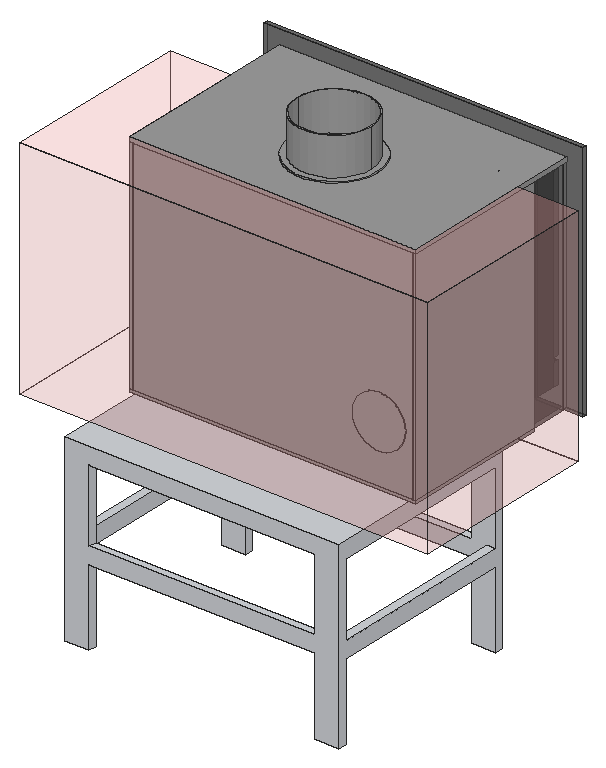
Revit family "FOGO MONTANHA-CLASSIC-E701-STEEL DOOR-R19-V00", category Mechanical Equipment, host Wall, Revit 2019
Family settings
  Host = Wall
  Round Connector Dimension = Use Diameter
  Part Type = Normal
  OmniClass Number = 23.19.17.00
  Always vertical = Yes
  Cut with Voids When Loaded = No
  Shared = No
  Room Calculation Point = No
Parameters (values of type "Grey Steel Door-4 sided Glass Frame 50mm")
  r_SmallDuct_Top = Diameter / 2  # 50 mm
  r_CentralDuct_Top = F / 2  # 90 mm
  r_Duct_back = 65 mm
  Frame Type = FOGO MONTANHA-CLASSIC-3L FRAME : E701-50mm-Glass
  Door_Glass_Offset = 70 mm
  V = 211
  Support Table [instance] = yes
  Pu = 6.5
  Power = 9.3 kW
  Pn = 9.3
  P = 9.3
  Glass = Fogo Montanha-Glass
  Electrical Power = 32 W
  Electric tension = 230 V
  Efficiency at nominal power = "0.07"
  Diameter = 100 mm
  Dark Glass = Fogo Montanha-Dark Glass
  URL = "https://welcome.fogo-montanha.com/pesquisar/PA2019G004"
  Door_Position = 5 mm  # constant formula
  Door = Fogo Montanha-Grey Steel
  Offset_Door-Frame = 26.7 mm
  GlassDoor = no
  Model = "Classic-E701"  # constant formula
  Manufacturer URL = "www.fogo-montanha.com"
  Manufacturer = "Fogo Montanha"  # constant formula
  Height from Level [instance] = 450 mm
  Version = "v00"  # constant formula
  Uniformat II Description = "Heat Generating Systems"  # constant formula
  Uniformat II Code = "D3020"  # constant formula
  Uniclass 2015 Name = "Space heaters"  # constant formula
  Uniclass 2015 Code = "TE_70_10_20_80"  # constant formula
  Uniclass 2.0 Description = "Space Heating And Cooling Products"  # constant formula
  Uniclass 2.0 Code = "PR-70-60-36-74"  # constant formula
  Uniclass 1.4 Description = "Fireplaces"  # constant formula
  Uniclass 1.4 Code = "L828"  # constant formula
  UNSPSC Description = "Space Heaters"  # constant formula
  UNSPSC Code = "40101819"  # constant formula
  Reference = "PA2019G004"
  Publication date = "08/2022"  # constant formula
  Number of Poles = 1
  NBS Reference Description = "Room Heaters"  # constant formula
  NBS Reference Code = "60-36-74"  # constant formula
  Masterformat 2014 Description = "Fireplaces and Stoves"  # constant formula
  Masterformat 2014 Code = "10 30 00"  # constant formula
  K = B + 13 mm  # 559 mm
  J = A + 17 mm  # 707 mm
  IfcExportType = "IfcSpaceHeaterType"  # constant formula
  IfcExportAs = "IfcSpaceHeater"  # constant formula
  G = 275 mm
  F = 180 mm
  Offset_Duct_Back = 90 mm
  Clearance Zone Visible [instance] = yes
  Clearance Zone = 150 mm
  Cl = 2.8
  CO2 = 9.3
  CO 13% O2 = 0.07
  Aux_Duct_Top = 120 mm
  Det_Door = if(GlassDoor, -1 mm, 15 mm)  # 15 mm
  Description = "Inseríveis a lenha com ventilação tangencial incluída de série, disponíveis em preto, cinza ou porta em vidro. Incluem porta com sistema de fecho automático, ar externo canalizável através de um kit opcional, dupla combustão e câmara estanque. Possibilidade de regulação da ventilação através de um controlador GLA que, com a inclusão de um Damper, permitirá também o controlo do ar de combustão. Kit wi-fi opcional para gestão do controlador GLA à distância através de smartphone."  # constant formula
  D = 465 mm
  Body = Fogo Montanha-Steel
  Base_Offset [instance] = if(and(Height from Level < 300 mm, Support Table), 300 mm, if(and(Height from Level > 545 mm, Support Table), 545 mm, Height from Level))  # 450 mm
  E = B  # 546 mm
  C = A  # 690 mm
  BIM Modeler URL = "www.stratbim.com"
  BIM Modeler = "StratBIM"
  B = 546 mm
  Assembly Code = "D3020"
  A = 690 mm
Types (12, lengths in mm): name | Frame Type | URL | Door | Reference
  Grey Steel Door-4 sided Glass Frame 50mm | FOGO MONTANHA-CLASSIC-3L FRAME : E701-50mm-Glass | "https://welcome.fogo-montanha.com/pesquisar/PA2019G004" | Fogo Montanha-Grey Steel | "PA2019G004"
  Black Steel Door-4 sided Glass Frame 50mm | FOGO MONTANHA-CLASSIC-4L FRAME : E701-50mm-Glass | "https://welcome.fogo-montanha.com/pesquisar/PA2019P003" | Fogo Montanha-Black Steel | "PA2019P003"
  Black Steel Door-3 sided Glass Frame 50mm | FOGO MONTANHA-CLASSIC-3L FRAME : E701-50mm-Glass | "https://welcome.fogo-montanha.com/pesquisar/PA2019P003" | Fogo Montanha-Black Steel | "PA2019P003"
  Grey Steel Door-3 sided Glass Frame 50mm | FOGO MONTANHA-CLASSIC-3L FRAME : E701-50mm-Glass | "https://welcome.fogo-montanha.com/pesquisar/PA2019G004" | Fogo Montanha-Grey Steel | "PA2019G004"
  Black Steel Door-3 sided Black Steel Frame 45mm | FOGO MONTANHA-CLASSIC-3L FRAME : E701-45mm-Black Steel | "https://welcome.fogo-montanha.com/pesquisar/PA2019P003" | Fogo Montanha-Black Steel | "PA2019P003"
  Black Steel Door-3 sided Black Steel Frame 20mm | FOGO MONTANHA-CLASSIC-3L FRAME : E701-20mm-Black Steel | "https://welcome.fogo-montanha.com/pesquisar/PA2019P003" | Fogo Montanha-Black Steel | "PA2019P003"
  Grey Steel Door-3 sided Grey Steel Frame 45mm | FOGO MONTANHA-CLASSIC-3L FRAME : E701-45mm-Grey Steel | "https://welcome.fogo-montanha.com/pesquisar/PA2019G004" | Fogo Montanha-Grey Steel | "PA2019G004"
  Grey Steel Door-3 sided Grey Steel Frame 20mm | FOGO MONTANHA-CLASSIC-3L FRAME : E701-20mm-Grey Steel | "https://welcome.fogo-montanha.com/pesquisar/PA2019G004" | Fogo Montanha-Grey Steel | "PA2019G004"
  Black Steel Door-4 sided Black Steel Frame 45mm | FOGO MONTANHA-CLASSIC-4L FRAME : E701-45mm-Black Steel | "https://welcome.fogo-montanha.com/pesquisar/PA2019P003" | Fogo Montanha-Black Steel | "PA2019P003"
  Black Steel Door-4 sided Black Steel Frame 20mm | FOGO MONTANHA-CLASSIC-4L FRAME : E701-20mm-Black Steel | "https://welcome.fogo-montanha.com/pesquisar/PA2019P003" | Fogo Montanha-Black Steel | "PA2019P003"
  Grey Steel Door-4 sided Grey Steel Frame 45mm | FOGO MONTANHA-CLASSIC-4L FRAME : E701-45mm-Grey Steel | "https://welcome.fogo-montanha.com/pesquisar/PA2019G004" | Fogo Montanha-Grey Steel | "PA2019G004"
  Grey Steel Door-4 sided Grey Steel Frame 20mm | FOGO MONTANHA-CLASSIC-4L FRAME : E701-20mm-Grey Steel | "https://welcome.fogo-montanha.com/pesquisar/PA2019G004" | Fogo Montanha-Grey Steel | "PA2019G004"
Reference planes
  plane 1 "Wall": y = 0
  plane 2 "Center (Left/Right)": x = 0
  plane 3 "Front": y = 75
  plane 4 "2": x = 345
  plane 5 "3": x = -345
  plane 6 "4": x = -345
  plane 7 "5": x = 345
  plane 8 "6": x = -353.5
  plane 9 "7": x = 353.5
  plane 10 "K'": z = 1009
  plane 11 "K": z = 450
  plane 12: y = -200
  plane 13: y = -390
  plane 14 "8": x = -50
  plane 15 "9": x = 50
  plane 16 "10": x = 263.5
  plane 17: z = 729.5
  plane 18 "B'": z = 1002.5
  plane 19 "B": z = 456.5
  plane 20 "E'": z = 1002.5
  plane 21 "E": z = 456.5
  plane 22 "L": z = 601
  plane 23: y = -46
  plane 24 "M": x = -233.5
  plane 25 "M'": x = 233.5
  plane 26: z = 997
  plane 27: z = 466.5
  plane 28 "S": x = -348.5
  plane 29 "T": x = 348.5
  plane 30 "U": x = 321.8
  plane 31 "V": x = -321.8
  plane 32: z = 970.3
  plane 33: z = 493.2
  plane 34: z = 628.2
  plane 35: z = 900.3
  plane 36 "W": x = 251.8
  plane 37 "X": x = -251.8
  plane 38: y = -340
  plane 39 "Y": x = 100
  plane 40 "AA": x = -100
  plane 41: y = 87
  plane 42: z = 558.2
  plane 43: z = 548.2
  plane 44 "BB": z = 1109
  plane 45 "Origin": z = 0
  plane 46: y = -25
Forms (mm)
  Extrusion 1, solid, material "Fogo Montanha-Steel" <- "Body", detail levels coarse
    sketch origin (0, 75, 0) x (1, 0, 0) y (0, 0, 1)
      loop
        line (353.5, 450) -> (353.5, 1002.5) -> (-353.5, 1002.5) -> (-353.5, 450) -> (353.5, 450)
    from 0 to 465
  Extrusion 2, solid, material "Fogo Montanha-Steel" <- "Body", detail levels medium+fine
    sketch origin (-353.5, 0, 0) x (0, 1, 0) y (0, 0, 1)
      loop
        line (-25, 456.5) -> (-25, 1002.5) -> (-200, 1002.5) -> (-390, 1002.5) -> (-390, 456.5) -> (-25, 456.5)
    from 0 to 8.5
  Extrusion 3, solid, material "Fogo Montanha-Steel" <- "Body", detail levels medium+fine
    sketch origin (353.5, 30, 0) x (0, 1, 0) y (0, 0, -1)
      loop
        line (-55, -456.5) -> (-420, -456.5) -> (-420, -1002.5) -> (-230, -1002.5) -> (-55, -1002.5) -> (-55, -456.5)
    from 0 to 8.5
  Extrusion 4, solid, material "Fogo Montanha-Steel" <- "Body", detail levels medium+fine
    sketch origin (1420, -390, 1200) x (1, 0, 0) y (0, 0, 1)
      loop
        line (-1075, -743.5) -> (-1075, -197.5) -> (-1765, -197.5) -> (-1765, -743.5) -> (-1075, -743.5)
    from 0 to -10
  Extrusion 5, solid, material "Fogo Montanha-Steel" <- "Body", detail levels medium+fine
    sketch origin (2348.699, 225, 1002.5) x (1, 0, 0) y (0, 1, 0)
      loop
        line (-2702.199, -150) -> (-2702.199, -615) -> (-1995.199, -615) -> (-1995.199, -150) -> (-2702.199, -150)
      loop
        circle (-2348.699, -425) r 90
    from 10 to 0
  Extrusion 6, solid, material "Fogo Montanha-Steel" <- "Body", detail levels medium+fine
    sketch origin (2348.699, 225, 456.5) x (1, 0, 0) y (0, 1, 0)
      loop
        line (-2702.199, -250) -> (-2702.199, -615) -> (-1995.199, -615) -> (-1995.199, -250) -> (-2702.199, -250)
    from -6.5 to 0
  Extrusion 7, solid, material "Fogo Montanha-Steel" <- "Body", detail levels medium+fine
    sketch origin (1420, -390, 1200) x (1, 0, 0) y (0, 0, 1)
      loop
        circle (-1156.5, -599) r 65
    from 0 to 1
  Sweep 8, solid, material "Fogo Montanha-Steel" <- "Body"
    path in 3D
      loop
        arc (-90, -200, 1009) -> (0, -290, 1009) -> (90, -200, 1009) r 90
        arc (90, -200, 1009) -> (0, -110, 1009) -> (-90, -200, 1009) r 90
    profile origin (0, -110, 1009) x (0, -1, 0) y (0, 0, 1)
      loop
        line (0, 3.5) -> (0, 100) -> (-2, 100) -> (-2, 6.467) -> (-17, 6.467) -> (-17, 3.5) -> (0, 3.5)
  Extrusion 9, solid, material "Fogo Montanha-Glass" <- "Glass", detail levels medium+fine
    sketch origin (0, 75, 0) x (1, 0, 0) y (0, 0, 1)
      loop
        line (251.8, 628.2) -> (251.8, 900.3) -> (-251.8, 900.3) -> (-251.8, 628.2) -> (251.8, 628.2)
    from 0 to -12
  Extrusion 10, solid, material "Fogo Montanha-Grey Steel" <- "Door", detail levels medium+fine
    sketch origin (0, 75, 0) x (1, 0, 0) y (0, 0, 1)
      loop
        line (321.8, 493.2) -> (321.8, 970.3) -> (-321.8, 970.3) -> (-321.8, 493.2) -> (321.8, 493.2)
      loop
        line (-251.8, 628.2) -> (251.8, 628.2) -> (251.8, 900.3) -> (-251.8, 900.3) -> (-251.8, 628.2)
    from 0 to -12
  Extrusion 11, solid, material "Fogo Montanha-Vermiculite", detail levels medium+fine
    sketch origin (-321.8, 0, 0) x (0, 1, 0) y (0, 0, 1)
      loop
        line (0, 493.2) -> (0, 900.3) -> (-200, 900.3) -> (-340, 729.5) -> (-340, 493.2) -> (0, 493.2)
    from 0 to 8.5
  Extrusion 12, solid, material "Fogo Montanha-Black Steel", detail levels medium+fine
    sketch origin (1420, -25, 1200) x (1, 0, 0) y (0, 0, 1)
      loop
        line (-1098.2, -229.7) -> (-1741.8, -229.7) -> (-1741.8, -706.8) -> (-1098.2, -706.8) -> (-1098.2, -229.7)
      loop
        line (-1071.5, -197.5) -> (-1768.5, -197.5) -> (-1768.5, -743.5) -> (-1071.5, -743.5) -> (-1071.5, -197.5)
    from 0 to 5
  Extrusion 13, solid, material "Fogo Montanha-Vermiculite", detail levels medium+fine
    sketch origin (321.8, 0, 0) x (0, 1, 0) y (0, 0, 1)
      loop
        line (0, 493.2) -> (0, 900.3) -> (-200, 900.3) -> (-340, 729.5) -> (-340, 493.2) -> (0, 493.2)
    from 0 to -8.5
  Extrusion 14, solid, material "Fogo Montanha-Vermiculite", detail levels medium+fine
    sketch origin (1420, -340, 1200) x (1, 0, 0) y (0, 0, 1)
      loop
        line (-1106.7, -706.8) -> (-1106.7, -470.5) -> (-1733.3, -470.5) -> (-1733.3, -706.8) -> (-1106.7, -706.8)
    from 0 to -8.5
  Extrusion 15, solid, material "Fogo Montanha-Vermiculite", detail levels medium+fine
    sketch origin (0, 0, 0) x (0, 1, 0) y (0, 0, 1)
      loop
        line (-200, 900.3) -> (-340, 729.5) -> (-329.009, 729.5) -> (-200, 886.892) -> (-200, 900.3)
    from -321.8 to 321.8
  Extrusion 16, solid, material "Fogo Montanha-Vermiculite", detail levels medium+fine
    sketch origin (2348.699, 225, 493.2) x (1, 0, 0) y (0, 1, 0)
      loop
        line (-2670.499, -225) -> (-2670.499, -565) -> (-2026.899, -565) -> (-2026.899, -225) -> (-2670.499, -225)
      loop
        line (-2248.699, -271) -> (-2448.699, -271) -> (-2448.699, -425) -> (-2248.699, -425) -> (-2248.699, -271)
    from 0 to 10
  Extrusion 17, solid, material "Fogo Montanha-Steel", detail levels medium+fine
    sketch origin (2348.699, 225, 493.2) x (1, 0, 0) y (0, 1, 0)
      loop
        line (-2248.699, -271) -> (-2448.699, -271) -> (-2448.699, -425) -> (-2248.699, -425) -> (-2248.699, -271)
      loop
        line (-2435.699, -300) -> (-2361.699, -300)
        arc (-2361.699, -300) -> (-2359.578, -299.121) -> (-2358.699, -297) r 3
        line (-2358.699, -297) -> (-2358.699, -284)
        arc (-2358.699, -284) -> (-2359.578, -281.879) -> (-2361.699, -281) r 3
        line (-2361.699, -281) -> (-2435.699, -281)
        arc (-2435.699, -281) -> (-2437.82, -281.879) -> (-2438.699, -284) r 3
        line (-2438.699, -284) -> (-2438.699, -297)
        arc (-2438.699, -297) -> (-2437.82, -299.121) -> (-2435.699, -300) r 3
      loop
        arc (-2261.699, -300) -> (-2259.578, -299.121) -> (-2258.699, -297) r 3
        line (-2258.699, -297) -> (-2258.699, -284)
        arc (-2258.699, -284) -> (-2259.578, -281.879) -> (-2261.699, -281) r 3
        line (-2261.699, -281) -> (-2335.699, -281)
        arc (-2335.699, -281) -> (-2337.82, -281.879) -> (-2338.699, -284) r 3
        line (-2338.699, -284) -> (-2338.699, -297)
        arc (-2338.699, -297) -> (-2337.82, -299.121) -> (-2335.699, -300) r 3
        line (-2335.699, -300) -> (-2261.699, -300)
      loop
        line (-2435.699, -329) -> (-2361.699, -329)
        arc (-2361.699, -329) -> (-2359.578, -328.121) -> (-2358.699, -326) r 3
        line (-2358.699, -326) -> (-2358.699, -313)
        arc (-2358.699, -313) -> (-2359.578, -310.879) -> (-2361.699, -310) r 3
        line (-2361.699, -310) -> (-2435.699, -310)
        arc (-2435.699, -310) -> (-2437.82, -310.879) -> (-2438.699, -313) r 3
        line (-2438.699, -313) -> (-2438.699, -326)
        arc (-2438.699, -326) -> (-2437.82, -328.121) -> (-2435.699, -329) r 3
      loop
        arc (-2261.699, -329) -> (-2259.578, -328.121) -> (-2258.699, -326) r 3
        line (-2258.699, -326) -> (-2258.699, -313)
        arc (-2258.699, -313) -> (-2259.578, -310.879) -> (-2261.699, -310) r 3
        line (-2261.699, -310) -> (-2335.699, -310)
        arc (-2335.699, -310) -> (-2337.82, -310.879) -> (-2338.699, -313) r 3
        line (-2338.699, -313) -> (-2338.699, -326)
        arc (-2338.699, -326) -> (-2337.82, -328.121) -> (-2335.699, -329) r 3
        line (-2335.699, -329) -> (-2261.699, -329)
      loop
        line (-2435.699, -358) -> (-2361.699, -358)
        arc (-2361.699, -358) -> (-2359.578, -357.121) -> (-2358.699, -355) r 3
        line (-2358.699, -355) -> (-2358.699, -342)
        arc (-2358.699, -342) -> (-2359.578, -339.879) -> (-2361.699, -339) r 3
        line (-2361.699, -339) -> (-2435.699, -339)
        arc (-2435.699, -339) -> (-2437.82, -339.879) -> (-2438.699, -342) r 3
        line (-2438.699, -342) -> (-2438.699, -355)
        arc (-2438.699, -355) -> (-2437.82, -357.121) -> (-2435.699, -358) r 3
      loop
        arc (-2261.699, -358) -> (-2259.578, -357.121) -> (-2258.699, -355) r 3
        line (-2258.699, -355) -> (-2258.699, -342)
        arc (-2258.699, -342) -> (-2259.578, -339.879) -> (-2261.699, -339) r 3
        line (-2261.699, -339) -> (-2335.699, -339)
        arc (-2335.699, -339) -> (-2337.82, -339.879) -> (-2338.699, -342) r 3
        line (-2338.699, -342) -> (-2338.699, -355)
        arc (-2338.699, -355) -> (-2337.82, -357.121) -> (-2335.699, -358) r 3
        line (-2335.699, -358) -> (-2261.699, -358)
      loop
        line (-2435.699, -387) -> (-2361.699, -387)
        arc (-2361.699, -387) -> (-2359.578, -386.121) -> (-2358.699, -384) r 3
        line (-2358.699, -384) -> (-2358.699, -371)
        arc (-2358.699, -371) -> (-2359.578, -368.879) -> (-2361.699, -368) r 3
        line (-2361.699, -368) -> (-2435.699, -368)
        arc (-2435.699, -368) -> (-2437.82, -368.879) -> (-2438.699, -371) r 3
        line (-2438.699, -371) -> (-2438.699, -384)
        arc (-2438.699, -384) -> (-2437.82, -386.121) -> (-2435.699, -387) r 3
      loop
        arc (-2261.699, -387) -> (-2259.578, -386.121) -> (-2258.699, -384) r 3
        line (-2258.699, -384) -> (-2258.699, -371)
        arc (-2258.699, -371) -> (-2259.578, -368.879) -> (-2261.699, -368) r 3
        line (-2261.699, -368) -> (-2335.699, -368)
        arc (-2335.699, -368) -> (-2337.82, -368.879) -> (-2338.699, -371) r 3
        line (-2338.699, -371) -> (-2338.699, -384)
        arc (-2338.699, -384) -> (-2337.82, -386.121) -> (-2335.699, -387) r 3
        line (-2335.699, -387) -> (-2261.699, -387)
      loop
        line (-2435.699, -416) -> (-2361.699, -416)
        arc (-2361.699, -416) -> (-2359.578, -415.121) -> (-2358.699, -413) r 3
        line (-2358.699, -413) -> (-2358.699, -400)
        arc (-2358.699, -400) -> (-2359.578, -397.879) -> (-2361.699, -397) r 3
        line (-2361.699, -397) -> (-2435.699, -397)
        arc (-2435.699, -397) -> (-2437.82, -397.879) -> (-2438.699, -400) r 3
        line (-2438.699, -400) -> (-2438.699, -413)
        arc (-2438.699, -413) -> (-2437.82, -415.121) -> (-2435.699, -416) r 3
      loop
        arc (-2261.699, -416) -> (-2259.578, -415.121) -> (-2258.699, -413) r 3
        line (-2258.699, -413) -> (-2258.699, -400)
        arc (-2258.699, -400) -> (-2259.578, -397.879) -> (-2261.699, -397) r 3
        line (-2261.699, -397) -> (-2335.699, -397)
        arc (-2335.699, -397) -> (-2337.82, -397.879) -> (-2338.699, -400) r 3
        line (-2338.699, -400) -> (-2338.699, -413)
        arc (-2338.699, -413) -> (-2337.82, -415.121) -> (-2335.699, -416) r 3
        line (-2335.699, -416) -> (-2261.699, -416)
    from 0 to 10
  Extrusion 18, void
    sketch origin (0, 87, 0) x (1, 0, 0) y (0, 0, 1)
      loop
        line (321.8, 548.2) -> (321.8, 558.2) -> (-321.8, 558.2) -> (-321.8, 548.2) -> (321.8, 548.2)
    from 0 to 15 <- "Det_Door"
  Extrusion 19, solid, material "Fogo Montanha-Black Steel", detail levels medium+fine
    sketch origin (0, 75, 0) x (1, 0, 0) y (0, 0, 1)
      loop
        line (321.8, 493.2) -> (321.8, 970.3) -> (-321.8, 970.3) -> (-321.8, 493.2) -> (321.8, 493.2)
      loop
        line (319.8, 968.3) -> (-319.8, 968.3) -> (-319.8, 495.2) -> (319.8, 495.2) -> (319.8, 968.3)
    from 0 to 100
  Extrusion 20, solid, material "Fogo Montanha-Dark Glass", detail levels medium+fine
    sketch origin (0, 75, 0) x (1, 0, 0) y (0, 0, 1)
      loop
        line (347, 450) -> (347, 1004.5) -> (-347, 1004.5) -> (-347, 450) -> (347, 450)
      loop
        line (345, 456.5) -> (345, 1002.5) -> (-345, 1002.5) -> (-345, 456.5) -> (345, 456.5)
    from 0 to 100
  Extrusion 21, solid
    sketch origin (2348.699, 225, 1009) x (1, 0, 0) y (0, 1, 0)
      loop
        circle (-2115.199, -271) r 50
    from 0 to 1
  Extrusion 22, solid
    sketch origin (2348.699, 225, 1009) x (1, 0, 0) y (0, 1, 0)
      loop
        circle (-2582.199, -271) r 50
    from 0 to 1
  Extrusion 23, solid, material "Fogo Montanha-Steel" <- "Body", visible <- "GlassDoor", detail levels medium+fine
    sketch origin (0, 75, 0) x (1, 0, 0) y (0, 0, 1)
      loop
        line (321.8, 493.2) -> (321.8, 970.3) -> (-321.8, 970.3) -> (-321.8, 493.2) -> (321.8, 493.2)
      loop
        line (-251.8, 628.2) -> (251.8, 628.2) -> (251.8, 900.3) -> (-251.8, 900.3) -> (-251.8, 628.2)
    from 0 to 2
  Extrusion 24, solid, visible <- "Clearance Zone Visible"
    sketch origin (2348.699, 175, 0) x (1, 0, 0) y (0, 1, 0)
      loop
        line (-2852.199, -250) -> (-2852.199, -715) -> (-1845.199, -715) -> (-1845.199, -250) -> (-1995.199, -250) -> (-1995.199, -565) -> (-2702.199, -565) -> (-2702.199, -250) -> (-2852.199, -250)
    from 456.5 to 1012.5
  Extrusion 25, solid, material "Fogo Montanha-Black Steel", detail levels medium+fine
    sketch origin (0, 0, 0) x (1, 0, 0) y (0, 0, 1)
      loop
        line (321.8, 493.2) -> (321.8, 970.3) -> (-321.8, 970.3) -> (-321.8, 493.2) -> (321.8, 493.2)
      loop
        line (-251.8, 628.2) -> (251.8, 628.2) -> (251.8, 900.3) -> (-251.8, 900.3) -> (-251.8, 628.2)
    from -20 to -22
  Extrusion 26, solid, material "Fogo Montanha-Black Steel", detail levels medium+fine
    sketch origin (0, 75, 0) x (1, 0, 0) y (0, 0, 1)
      loop
        line (319.8, 601) -> (-319.8, 601) -> (-319.8, 599) -> (319.8, 599) -> (319.8, 601)
    from 2 to 53
  Extrusion 27, solid, material "Fogo Montanha-Steel" <- "Body"
    sketch origin (0, 50, 0) x (0, 1, 0) y (0, 0, 1)
      loop
        line (-96.937, 920.503) -> (-96.937, 935.3) -> (-300, 935.3) -> (-300, 909.847) -> (-250, 909.847) -> (-229.317, 897.906) -> (-101.741, 897.906) -> (-96.937, 920.503)
    from -150 to 150
Cuts and joins
  Extrusion 18 cuts Extrusion 10
  Extrusion 18 cuts Extrusion 12
  Extrusion 18 cuts Extrusion 11
  Extrusion 18 cuts Extrusion 13
  joined: Extrusion 11, Extrusion 13, Extrusion 14, Extrusion 15, Extrusion 16
Lines and regions (mm)
  Opening 1
    outline origin (-5000, -75, 0) x (1, 0, 0) y (0, 0, 1)
      loop
        line (4646.5, 450) -> (5353.5, 450) -> (5353.5, 1009) -> (4646.5, 1009) -> (4646.5, 450)
  reference lines
    curve 1: circle (0, -200, 1009) r 90 normal (0, 0, 1)
    curve 2: circle (263.5, 75, 601) r 65 normal (0, -1, 0)
    curve 4: circle (-233.5, -46, 1002.5) r 50 normal (0, 0, 1)
    curve 5: circle (233.5, -46, 1002.5) r 50 normal (0, 0, 1)
  sketch lines
    curve 3: circle (0, -200, 1009) r 90 normal (0, 0, 1)
Text (mm)
  text "Placement side" at (-1304.494, 278.82, 0), in view "Ref. Level"
  text "Placement side" at (0, 1334.055, 2976.191), in view "Left"
  text "Placement side" at (0, 439.194, 2944.362), in view "Right"
Dimensions and locks
  locked: plane 3 "Front" to host wall at 0
  "C": plane 4 "2" to plane 5 "3"
  equal spacing: plane 4 "2", plane 2 "Center (Left/Right)", plane 5 "3"
  equal spacing: plane 7 "5", plane 2 "Center (Left/Right)", plane 6 "4"
  "A": plane 7 "5" to plane 6 "4"
  equal spacing: plane 9 "7", plane 2 "Center (Left/Right)", plane 8 "6"
  "J": plane 8 "6" to plane 9 "7"
  "K": plane 11 "K" to plane 10 "K'"
  "Base_Offset": level to plane 11 "K"
  equal spacing: plane 14 "8", plane 2 "Center (Left/Right)", plane 15 "9"
  plane 14 "8" to plane 15 "9" = 100 mm
  equal spacing: plane 11 "K", plane 17, plane 10 "K'"
  equal spacing: plane 19 "B", plane 17, plane 18 "B'"
  "B": plane 19 "B" to plane 18 "B'"
  equal spacing: plane 21 "E", plane 17, plane 20 "E'"
  "E": plane 21 "E" to plane 20 "E'"
  "Offset_Duct_Back": plane 9 "7" to plane 16 "10"
  plane 11 "K" to plane 22 "L" = 151 mm
  "Aux_Duct_Top": plane 8 "6" to plane 24 "M"
  "Aux_Duct_Top": plane 25 "M'" to plane 9 "7"
  "Offset_Door-Frame": plane 32 to plane 26
  "Offset_Door-Frame": plane 27 to plane 33
  "Offset_Door-Frame": plane 29 "T" to plane 30 "U"
  "Offset_Door-Frame": plane 31 "V" to plane 28 "S"
  "Door_Glass_Offset": plane 35 to plane 32
  "Door_Glass_Offset": plane 30 "U" to plane 36 "W"
  "Door_Glass_Offset": plane 37 "X" to plane 31 "V"
  locked: plane 13 to plane 38 at 50
  locked: plane 3 "Front" to plane 41 at 12
  "Door_Glass_Offset": plane 42 to plane 34
  locked: plane 43 to plane 42 at 10
  Extrusion 17 sketch curve to Extrusion 17 sketch curve to Extrusion 17 sketch curve to Extrusion 17 sketch curve to Extrusion 17 sketch curve to Extrusion 17 sketch curve = 10 mm locked, 80 mm locked, 20 mm locked, 80 mm locked, 10 mm locked
  Extrusion 17 sketch curve to Extrusion 17 sketch curve to Extrusion 17 sketch curve to Extrusion 17 sketch curve to Extrusion 17 sketch curve to Extrusion 17 sketch curve to Extrusion 17 sketch curve to Extrusion 17 sketch curve to Extrusion 17 sketch curve to Extrusion 17 sketch curve to Extrusion 17 sketch curve to Extrusion 17 sketch curve = 10 mm locked, 19 mm locked, 10 mm locked, 19 mm locked, 10 mm locked, 19 mm locked, 10 mm locked, 19 mm locked, 10 mm locked, 19 mm locked, 9 mm locked
  "Door_Position": plane 9 "7" to plane 29 "T"
  "Door_Position": plane 28 "S" to plane 8 "6"
  locked: plane 46 to plane 3 "Front" at 100
  locked: cut or joined group of Extrusion 10, Extrusion 18 to Extrusion 19 sketch curve at 2
  locked: plane 26 to plane 20 "E'" at 5.5
  locked: plane 33 to plane 43 at 55
  locked: plane 21 "E" to plane 27 at 10
  "Clearance Zone": Extrusion 24 sketch curve to Extrusion 24 sketch curve  (x3)
  Extrusion 26 sketch curve to plane 22 "L" = 2 mm
  cut or joined group of Extrusion 10, Extrusion 18 to Extrusion 26 sketch curve = 2 mm
  Extrusion 26 sketch curve to plane 31 "V" = 2 mm
  locked: plane 10 "K'" to plane 44 "BB" at 100
  locked: plane 23 to plane 46 at 21
  locked: plane 12 to plane 23 at 154
  locked: plane 38 to plane 12 at 140
  locked: Extrusion 27 sketch curve to Extrusion 27 sketch curve at 127.577
  locked: plane 46 to plane 1 "Wall" at 25
  "r_CentralDuct_Top": radius of curve 1
  "r_Duct_back": radius of curve 2
  "r_SmallDuct_Top": radius of curve 5
  "r_SmallDuct_Top": radius of curve 4
  aligned and locked: plane 8 "6" to Opening 1 sketch curve
  aligned and locked: Opening 1 sketch curve to plane 9 "7"
  aligned and locked: plane 10 "K'" to Opening 1 sketch curve
  aligned and locked: plane 11 "K" to Opening 1 sketch curve
  aligned and locked: plane 8 "6" to Extrusion 1 sketch curve
  aligned and locked: Extrusion 1 sketch curve to plane 9 "7"
  aligned and locked: plane 18 "B'" to Extrusion 1 sketch curve
  aligned and locked: plane 13 to Extrusion 1
  aligned and locked: plane 19 "B" to Extrusion 2 sketch curve
  aligned and locked: plane 18 "B'" to Extrusion 2 sketch curve
  aligned and locked: plane 13 to Extrusion 2 sketch curve
  aligned and locked: Extrusion 3 sketch curve to plane 18 "B'"
  aligned and locked: Extrusion 3 sketch curve to plane 13
  aligned and locked: Extrusion 3 sketch curve to plane 19 "B"
  aligned and locked: plane 4 "2" to Extrusion 4 sketch curve
  aligned and locked: plane 5 "3" to Extrusion 4 sketch curve
  aligned and locked: plane 21 "E" to Extrusion 4 sketch curve
  aligned and locked: plane 20 "E'" to Extrusion 4 sketch curve
  aligned and locked: plane 5 "3" to Extrusion 2
  aligned and locked: Extrusion 3 to plane 4 "2"
  aligned and locked: Extrusion 5 sketch curve to plane 8 "6"
  aligned and locked: plane 9 "7" to Extrusion 5 sketch curve
  aligned and locked: Extrusion 5 sketch curve to plane 13
  aligned and locked: Extrusion 5 sketch curve to curve 1
  aligned and locked: plane 9 "7" to Extrusion 6 sketch curve
  aligned and locked: Extrusion 6 sketch curve to plane 8 "6"
  aligned and locked: Extrusion 6 sketch curve to plane 13
  aligned and locked: Extrusion 7 sketch curve to curve 2
  aligned and locked: plane 24 "M" to curve 4
  aligned and locked: plane 23 to curve 4
  aligned and locked: plane 23 to curve 5
  aligned and locked: plane 25 "M'" to curve 5
  aligned and locked: plane 34 to Extrusion 9 sketch curve
  aligned and locked: Extrusion 9 sketch curve to plane 36 "W"
  aligned and locked: Extrusion 9 sketch curve to plane 35
  aligned and locked: plane 37 "X" to Extrusion 9 sketch curve
  aligned and locked: plane 33 to Extrusion 10 sketch curve
  aligned and locked: Extrusion 10 sketch curve to plane 30 "U"
  aligned and locked: Extrusion 10 sketch curve to plane 32
  aligned and locked: plane 31 "V" to Extrusion 10 sketch curve
  aligned and locked: Extrusion 10 sketch curve to Extrusion 9  (x4)
  aligned and locked: Extrusion 11 to plane 33
  aligned and locked: plane 32 to Extrusion 12 sketch curve
  aligned and locked: plane 33 to Extrusion 12 sketch curve
  aligned and locked: plane 30 "U" to Extrusion 12 sketch curve
  aligned and locked: plane 31 "V" to Extrusion 12 sketch curve
  aligned and locked: plane 28 "S" to Extrusion 12 sketch curve
  aligned and locked: Extrusion 12 sketch curve to plane 29 "T"
  aligned and locked: plane 35 to Extrusion 11 sketch curve
  aligned and locked: plane 12 to Extrusion 11 sketch curve
  aligned and locked: Extrusion 14 to Extrusion 11
  aligned and locked: Extrusion 14 to Extrusion 13
  aligned and locked: Extrusion 13 sketch curve to Extrusion 14
  aligned and locked: Extrusion 11 sketch curve to plane 38
  aligned and locked: plane 17 to Extrusion 14
  aligned and locked: plane 17 to Extrusion 11 sketch curve
  aligned and locked: plane 17 to Extrusion 13 sketch curve
  aligned and locked: Extrusion 15 sketch curve to Extrusion 11
  aligned and locked: plane 17 to Extrusion 15 sketch curve
  aligned and locked: plane 12 to Extrusion 15 sketch curve
  aligned and locked: plane 30 "U" to Extrusion 15
  aligned and locked: Extrusion 15 to plane 31 "V"
  aligned and locked: Extrusion 11 to Extrusion 14
  aligned and locked: Extrusion 16 sketch curve to plane 31 "V"
  aligned and locked: Extrusion 16 sketch curve to plane 38
  aligned and locked: Extrusion 16 sketch curve to plane 30 "U"
  aligned and locked: plane 12 to Extrusion 16 sketch curve
  aligned and locked: Extrusion 16 sketch curve to plane 23
  aligned and locked: Extrusion 16 sketch curve to plane 40 "AA"
  aligned and locked: plane 39 "Y" to Extrusion 16 sketch curve
  aligned and locked: Extrusion 17 sketch curve to plane 39 "Y"
  aligned and locked: Extrusion 17 sketch curve to plane 23
  aligned and locked: Extrusion 17 to plane 33
  aligned and locked: Extrusion 16 to Extrusion 17
  aligned and locked: Extrusion 18 to plane 43
  aligned and locked: plane 42 to Extrusion 18
  aligned and locked: plane 30 "U" to Extrusion 18
  aligned and locked: Extrusion 18 to plane 31 "V"
  aligned and locked: Extrusion 17 sketch curve to Extrusion 17 sketch curve  (x26)
  aligned and locked: nested 1 to plane 2 "Center (Left/Right)"
  aligned and locked: plane 44 "BB" to Sweep 8 sketch curve
  aligned and locked: Extrusion 5 to Sweep 8 sketch curve
  aligned and locked: level to plane 45 "Origin"
  aligned and locked: Extrusion 13 sketch curve to plane 1 "Wall"
  aligned and locked: plane 46 to Extrusion 3 sketch curve
  aligned and locked: Extrusion 2 sketch curve to plane 46
  aligned and locked: Extrusion 9 to plane 41
  aligned and locked: plane 30 "U" to Extrusion 19 sketch curve
  aligned and locked: plane 32 to Extrusion 19 sketch curve
  aligned and locked: plane 31 "V" to Extrusion 19 sketch curve
  aligned and locked: plane 46 to Extrusion 19
  aligned and locked: Extrusion 20 sketch curve to plane 7 "5"
  aligned and locked: Extrusion 20 sketch curve to plane 20 "E'"
  aligned and locked: plane 6 "4" to Extrusion 20 sketch curve
  aligned and locked: plane 18 "B'" to Extrusion 12 sketch curve
  aligned and locked: Extrusion 21 sketch curve to curve 5
  aligned and locked: Extrusion 22 sketch curve to curve 4
  aligned and locked: Extrusion 6 to plane 11 "K"
  aligned and locked: nested 1 to plane 17
  aligned and locked: plane 11 "K" to Extrusion 20 sketch curve
  aligned and locked: Extrusion 24 sketch curve to host wall
  aligned and locked: host wall to Extrusion 24 sketch curve
  aligned and locked: plane 13 to Extrusion 24 sketch curve
  aligned and locked: Extrusion 24 to Extrusion 5
  aligned and locked: Extrusion 24 to plane 21 "E"
  aligned and locked: Extrusion 24 sketch curve to plane 8 "6"
  aligned and locked: plane 9 "7" to Extrusion 24 sketch curve
  aligned and locked: Extrusion 16 sketch curve to plane 1 "Wall"
  aligned and locked: Extrusion 26 to Extrusion 25
  aligned and locked: Extrusion 26 to Extrusion 23
  aligned and locked: Extrusion 1 sketch curve to plane 11 "K"
  aligned and locked: plane 19 "B" to Extrusion 20 sketch curve
  aligned and locked: Extrusion 6 sketch curve to Extrusion 3
  aligned and locked: Extrusion 12 sketch curve to plane 21 "E"
  aligned and locked: Extrusion 11 to plane 1 "Wall"
  aligned and locked: nested 2 to plane 2 "Center (Left/Right)"
  aligned and locked: nested 2 to host wall
Automatic sketch dimensions
  Extrusion 17 sketch curve to Extrusion 17 sketch curve = 3 mm  (x40)
  Sweep 8 sketch curve to profile plane = 0 mm
  profile plane to Sweep 8 sketch curve = 2 mm
  Sweep 8 sketch curve to Sweep 8 sketch curve = 15 mm
  Sweep 8 sketch curve to Sweep 8 sketch curve = 2.967 mm
  Extrusion 3 sketch curve to plane 12 = 0 mm
  Extrusion 2 sketch curve to plane 12 = 0 mm
  Extrusion 5 sketch curve to host wall = 0 mm
  Extrusion 11 sketch curve to plane 33 = 0 mm
  Extrusion 13 sketch curve to plane 12 = 0 mm
  Extrusion 13 sketch curve to plane 33 = 0 mm
  Extrusion 13 sketch curve to plane 35 = 0 mm
  Extrusion 14 sketch curve to plane 33 = 0 mm
  Extrusion 14 sketch curve to plane 17 = 0 mm
  plane 31 "V" to Extrusion 14 sketch curve = 8.5 mm
  Extrusion 14 sketch curve to plane 30 "U" = 8.5 mm
  Extrusion 15 sketch curve to plane 38 = 10.991 mm
  Extrusion 15 sketch curve to Extrusion 15 sketch curve = 13.408 mm
  Extrusion 18 sketch curve to Extrusion 10 = 0 mm
  Extrusion 10 to Extrusion 18 sketch curve = 0 mm
  Extrusion 10 to Extrusion 18 sketch curve = 55 mm
  Extrusion 18 sketch curve to Extrusion 18 sketch curve = 10 mm
  Extrusion 19 sketch curve to plane 33 = 0 mm
  plane 31 "V" to Extrusion 19 sketch curve = 2 mm
  Extrusion 19 sketch curve to plane 30 "U" = 2 mm
  Extrusion 19 sketch curve to plane 32 = 2 mm
  Extrusion 23 sketch curve to plane 31 "V" = 0 mm
  Extrusion 23 sketch curve to plane 35 = 0 mm
  Extrusion 23 sketch curve to plane 37 "X" = 0 mm
  Extrusion 23 sketch curve to plane 34 = 0 mm
  Extrusion 23 sketch curve to plane 36 "W" = 0 mm
  Extrusion 23 sketch curve to plane 30 "U" = 0 mm
  Extrusion 23 sketch curve to plane 33 = 0 mm
  Extrusion 23 sketch curve to plane 32 = 0 mm
  Extrusion 25 sketch curve to plane 31 "V" = 0 mm
  Extrusion 25 sketch curve to plane 35 = 0 mm
  Extrusion 25 sketch curve to plane 37 "X" = 0 mm
  Extrusion 25 sketch curve to plane 34 = 0 mm
  Extrusion 25 sketch curve to plane 36 "W" = 0 mm
  Extrusion 25 sketch curve to plane 30 "U" = 0 mm
  Extrusion 25 sketch curve to plane 33 = 0 mm
  Extrusion 25 sketch curve to plane 32 = 0 mm
  Extrusion 26 sketch curve to plane 22 "L" = 0 mm
  plane 28 "S" to Extrusion 20 sketch curve = 1.5 mm
  Extrusion 20 sketch curve to plane 29 "T" = 1.5 mm
  plane 18 "B'" to Extrusion 20 sketch curve = 2 mm
  host wall to Extrusion 11 sketch curve = 0 mm
  Extrusion 27 sketch curve to plane 12 = 0 mm
  plane 35 to Extrusion 27 sketch curve = 9.547 mm
  plane 12 to Extrusion 27 sketch curve = 50 mm
  Extrusion 27 sketch curve to plane 35 = 2.394 mm
  Extrusion 27 sketch curve to plane 12 = 20.683 mm
  plane 23 to Extrusion 27 sketch curve = 0.937 mm
  plane 35 to Extrusion 27 sketch curve = 20.203 mm
  Extrusion 27 sketch curve to Extrusion 27 sketch curve = 14.797 mm
  curve 2 to plane 16 "10" = 0 mm
  curve 2 to plane 22 "L" = 0 mm
  curve 4 to plane 24 "M" = 0 mm
  curve 1 to plane 2 "Center (Left/Right)" = 0 mm
  plane 12 to curve 1 = 0 mm
Nested families
  nested 1: "FOGO MONTANHA-CLASSIC-3L FRAME" at (0, 75, 729.5) x (-1, 0, 0) z (0, 1, 0), type <- "Frame Type", type "E701-50mm-Glass"
  nested 2: "FOGO MONTANHA-SUPPORT TABLE-R19-V00" at (0, -75, 0) x (-1, 0, 0) z (0, 0, 1), visible <- "Support Table", H <- "Base_Offset", type "PA1090G049"
    with H 450 mm
Connectors
  hvac at (0, -200, 1109), driven by "F"
    settings: on Sweep 8, index 1, duct flow 0.0 L/s, flow factor 0, pres drop 0.0 Pa, loss coef 0, conn angle 0.00°, conn width 304.8 mm, conn height 304.8 mm, conn diameter 180 mm, duct sys type 3, conn prof type 0, flow config 0, flow direction 2, loss method 0, conn ref index -1, conn util no, is conn primary yes, conn desc ""
  electrical at (-353.5, -206, 784.1), driven by "Number of Poles", driven by "Electric tension", driven by "Electrical Power"
    settings: on Extrusion 2, index 3, voltage 230 V, apparent load 32 VA, apparent load phase1 0 VA, apparent load phase2 0 VA, apparent load phase3 0 VA, power factor 1, load classification "Other", number of poles 1, system type 30, power factor state 1, is connector primary yes, connector utility no, sub classification motor no, connector description ""
  hvac at (263.5, -390, 601), driven by "Diameter"
    settings: on Extrusion 7, index 4, duct flow 0.0 L/s, flow factor 0, pres drop 0.0 Pa, loss coef 0, conn angle 0.00°, conn width 304.8 mm, conn height 304.8 mm, conn diameter 100 mm, duct sys type 1, conn prof type 0, flow config 0, flow direction 1, loss method 0, conn ref index -1, conn util no, is conn primary no, conn desc ""
  hvac at (-233.5, -46, 1010), driven by "Diameter"
    settings: on Extrusion 22, index 5, duct flow 0.0 L/s, flow factor 0, pres drop 0.0 Pa, loss coef 0, conn angle 0.00°, conn width 304.8 mm, conn height 304.8 mm, conn diameter 100 mm, duct sys type 3, conn prof type 0, flow config 0, flow direction 2, loss method 0, conn ref index -1, conn util no, is conn primary no, conn desc ""
  hvac at (233.5, -46, 1010), driven by "Diameter"
    settings: on Extrusion 21, index 6, duct flow 0.0 L/s, flow factor 0, pres drop 0.0 Pa, loss coef 0, conn angle 0.00°, conn width 304.8 mm, conn height 304.8 mm, conn diameter 100 mm, duct sys type 3, conn prof type 0, flow config 0, flow direction 2, loss method 0, conn ref index -1, conn util no, is conn primary no, conn desc ""
Definition of nested family "FOGO MONTANHA-CLASSIC-3L FRAME"
  Parameters (values of type "E801-45mm-Grey")
    Width = 45 mm
    Uniformat II Description = "Other HVAC Systems & Equipment"
    Uniformat II Code = "D3090"
    Uniclass 2015 Name = "Fireplace Surrounds"
    Uniclass 2015 Code = "PR_70_60_80_32"
    URL = "https://www.fogo-montanha.com/pt"
    UNSPSC Code = "40101819"
    Thickness = 12 mm
    Reference = "MO2070G113"
    Model = "3 Sided"  # constant formula
    Masterformat 2014 Description = "Fireplace Specialties"
    Masterformat 2014 Code = "10 32 00"
    Manufacturer = "Fogo Montanha"  # constant formula
    Frame Material = none
    Description = ""
    Default Elevation = 0 mm  # constant formula
    B = 536 mm  # constant formula
    A = 787 mm
  Types (20, lengths in mm): name | Width | Uniclass 2015 Name | Reference | A
    E901-45mm-Black | 45 | "Fireplace surrounds" | "MO2070P117" | 887
    E901-50mm-Glass | 50 | "Fireplace surrounds" | "MO2070V007" | 887
    E901-20mm-Black | 20 | "Fireplace surrounds" | "MO2070P119" | 887
    E801-50mm-Glass | 50 | "Fireplace surrounds" | "MO2070V005" | 787
    E801-45mm-Black | 45 | "Fireplace surrounds" | "MO2070P113" | 787
    E801-20mm-Black | 20 | "Fireplace surrounds" | "MO2070P115" | 787
    E701-50mm-Glass | 50 | "Fireplace surrounds" | "MO2070V003" | 687
    E701-45mm-Black | 45 | "Fireplace surrounds" | "MO2070P109" | 687
    E701-20mm-Black | 20 | "Fireplace surrounds" | "MO2070P111" | 687
    E601-50mm-Glass | 50 | "Fireplace surrounds" | "MO2070V001" | 587
    E601-45mm-Black | 45 | "Fireplace Surrounds" | "MO2070P105" | 587
    E601-20mm-Grey | 20 | "Fireplace surrounds" | "MO2070G107" | 587
    E901-20mm-Grey | 20 | "Fireplace surrounds" | "MO2070G119" | 887
    E801-20mm-Grey | 20 | "Fireplace surrounds" | "MO2070G115" | 787
    E701-20mm-Grey | 20 | "Fireplace surrounds" | "MO2070G111" | 687
    E601-20mm-Black | 20 | "Fireplace Surrounds" | "MO2070P107" | 587
    E901-45mm-Grey | 45 | "Fireplace surrounds" | "MO2070G117" | 887
    E801-45mm-Grey | 45 | "Fireplace Surrounds" | "MO2070G113" | 787
    E701-45mm-Grey | 45 | "Fireplace surrounds" | "MO2070G109" | 687
    E601-45mm-Grey | 45 | "Fireplace surrounds" | "MO2070G105" | 587
  Reference planes
    plane 1 "Center (Front/Back)": y = 0
    plane 2: z = 0
    plane 3 "Center (Left/Right)": x = 0
    plane 4: x = -393.5
    plane 5: x = 393.5
    plane 6: y = 268
    plane 7: y = -268
    plane 8: x = -438.5
    plane 9: z = 12
    plane 10: y = -279.5
  Forms (mm)
    Extrusion 1, solid
      sketch origin (0, 0, 0) x (1, 0, 0) y (0, 1, 0)
        loop
          line (-1219.2, 1219.2) -> (-1219.2, -1219.2) -> (1219.2, -1219.2) -> (1219.2, 1219.2) -> (-1219.2, 1219.2)
      from 0 to -304.8
    Sweep 2, solid, material <- "Frame Material"
      path origin (0, 0, 0) x (1, 0, 0) y (0, 1, 0)
        loop
          line (393.5, -279.5) -> (393.5, 268) -> (-393.5, 268) -> (-393.5, -279.5)
      profile origin (-393.5, -5.75, 0) x (1, 0, 0) y (0, 0, 1)
        loop
          line (-45, 12) -> (-45, 0) -> (0, 0) -> (0, 12) -> (-45, 12)
  Dimensions and locks
    equal spacing: plane 6, plane 1 "Center (Front/Back)", plane 7
    "B": plane 6 to plane 7
    equal spacing: plane 4, plane 3 "Center (Left/Right)", plane 5
    "A": plane 4 to plane 5
    "Thickness": plane 9 to plane 2
    "Width": plane 4 to plane 8
    locked: plane 10 to plane 7 at 11.5
    aligned and locked: plane 2 to Extrusion 1
    aligned and locked: level to Extrusion 1
    aligned and locked: plane 6 to Sweep 2 sketch curve
    aligned and locked: Sweep 2 sketch curve to plane 9
    aligned and locked: Sweep 2 sketch curve to plane 8
    aligned and locked: Sweep 2 sketch curve to plane 4  (x2)
    aligned and locked: Sweep 2 sketch curve to plane 2
    aligned and locked: plane 10 to Sweep 2 sketch curve  (x2)
    aligned and locked: Sweep 2 sketch curve to plane 5
  Automatic sketch dimensions
    Extrusion 1 sketch curve to Extrusion 1 sketch curve = 2438.4 mm  (x2)
Definition of nested family "FOGO MONTANHA-SUPPORT TABLE-R19-V00"
  Parameters (values of type "PA1090G049")
    URL = "https://fogo-montanha.com"
    Reference = "PA1090G049"
    P = 533 mm
    Model = "Support Table"  # constant formula
    Manufacturer = "Fogo Montanha"  # constant formula
    L = 677 mm
    H [instance] = 420 mm
    Description = "Mesa de suporte PA1090G049 compatível com os modelos Classic E601,Classic E701, Design E709, Design E609 e Design E609H."
  Types (4, lengths in mm): name | Reference | P | L | H | Description
    (no name) | "PA1090G049" | 533 | 677 | 420 | "Mesa de suporte PA1090G049 compatível com os modelos Classic E601,Classic E701, Design E709, Design E609 e Design E609H."
    PA1090G027 | "PA1090G027" | 470 | 677 | 300 | "Mesa de suporte PA1090G027 compatível com os modelos SQUARE D e SQUARE V."
    PA1090G049 | "PA1090G049" | 533 | 677 | 420 | "Mesa de suporte PA1090G049 compatível com os modelos Classic E601,Classic E701, Design E709, Design E609 e Design E609H."
    PA1090G051 | "PA1090G051" | 533 | 877 | 504 | "Mesa de suporte PA1090G051 compatível com os modelos Classic E901, Classic E801, Design E909 e Design E809."
  Reference planes
    plane 1 "Center (Front/Back)": y = 0
    plane 2: z = 0
    plane 3 "Center (Left/Right)": x = 0
    plane 4: x = -338.5
    plane 5: x = -318.5
    plane 6: x = -278.5
    plane 7: x = 278.5
    plane 8: x = 318.5
    plane 9: x = 338.5
    plane 10: y = 533
    plane 11: y = 513
    plane 12: y = 50
    plane 13: y = 30
    plane 14: z = 420
    plane 15: z = 380
    plane 16: z = 200
    plane 17: z = 160
  Forms (mm)
    Extrusion 1, solid
      sketch origin (0, 0, 0) x (1, 0, 0) y (0, 1, 0)
        loop
          line (-338.5, 533) -> (-338.5, 513) -> (-278.5, 513) -> (-278.5, 533) -> (-338.5, 533)
        loop
          line (-338.5, 30) -> (-278.5, 30) -> (-278.5, 50) -> (-338.5, 50) -> (-338.5, 30)
        loop
          line (278.5, 50) -> (278.5, 30) -> (338.5, 30) -> (338.5, 50) -> (278.5, 50)
        loop
          line (278.5, 533) -> (278.5, 513) -> (338.5, 513) -> (338.5, 533) -> (278.5, 533)
      from 0 to 380
    Extrusion 2, solid
      sketch origin (0, 0, 0) x (1, 0, 0) y (0, 1, 0)
        loop
          line (-338.5, 533) -> (-338.5, 30) -> (-278.5, 30) -> (-278.5, 0) -> (278.5, 0) -> (278.5, 30) -> (338.5, 30) -> (338.5, 533) -> (-338.5, 533)
      from 380 to 420
    Extrusion 3, solid
      sketch origin (0, 0, 0) x (1, 0, 0) y (0, 1, 0)
        loop
          line (338.5, 533) -> (-338.5, 533) -> (-338.5, 30) -> (338.5, 30) -> (338.5, 533)
        loop
          line (318.5, 513) -> (-318.5, 513) -> (-318.5, 50) -> (318.5, 50) -> (318.5, 513)
      from 160 to 200
  Cuts and joins
    joined: Extrusion 1, Extrusion 2, Extrusion 3
  Dimensions and locks
    locked: plane 4 to plane 5 at 20
    locked: plane 4 to plane 6 at 60
    locked: plane 7 to plane 9 at 60
    equal spacing: plane 4, plane 3 "Center (Left/Right)", plane 9
    "L": plane 4 to plane 9
    locked: plane 10 to plane 11 at 20
    locked: plane 12 to plane 13 at 20
    locked: plane 13 to plane 1 "Center (Front/Back)" at 30
    "P": plane 1 "Center (Front/Back)" to plane 10
    locked: plane 14 to plane 15 at 40
    locked: plane 15 to plane 16 at 180
    locked: plane 16 to plane 17 at 40
    "H": plane 14 to level
    locked: plane 8 to plane 9 at 20
    aligned and locked: level to plane 2
    aligned and locked: Extrusion 1 sketch curve to plane 10  (x2)
    aligned and locked: Extrusion 1 sketch curve to plane 11  (x2)
    aligned and locked: Extrusion 1 sketch curve to plane 6  (x2)
    aligned and locked: Extrusion 1 sketch curve to plane 4  (x2)
    aligned and locked: Extrusion 1 sketch curve to plane 13  (x2)
    aligned and locked: Extrusion 1 sketch curve to plane 12  (x2)
    aligned and locked: Extrusion 1 sketch curve to plane 9  (x2)
    aligned and locked: Extrusion 1 sketch curve to plane 7  (x2)
    aligned and locked: plane 15 to Extrusion 1
    aligned and locked: Extrusion 2 sketch curve to plane 10
    aligned and locked: Extrusion 2 sketch curve to plane 9
    aligned and locked: Extrusion 2 sketch curve to plane 13  (x2)
    aligned and locked: Extrusion 2 sketch curve to plane 1 "Center (Front/Back)"
    aligned and locked: Extrusion 2 sketch curve to plane 4
    aligned and locked: Extrusion 2 sketch curve to plane 6
    aligned and locked: Extrusion 2 sketch curve to plane 7
    aligned and locked: plane 14 to Extrusion 2
    aligned and locked: Extrusion 2 to plane 15
    aligned and locked: Extrusion 3 sketch curve to plane 9
    aligned and locked: Extrusion 3 sketch curve to plane 8
    aligned and locked: Extrusion 3 sketch curve to plane 5
    aligned and locked: Extrusion 3 sketch curve to plane 4
    aligned and locked: Extrusion 3 sketch curve to plane 11
    aligned and locked: Extrusion 3 sketch curve to plane 10
    aligned and locked: Extrusion 3 sketch curve to plane 12
    aligned and locked: Extrusion 3 sketch curve to plane 13
    aligned and locked: plane 16 to Extrusion 3
    aligned and locked: Extrusion 3 to plane 17
